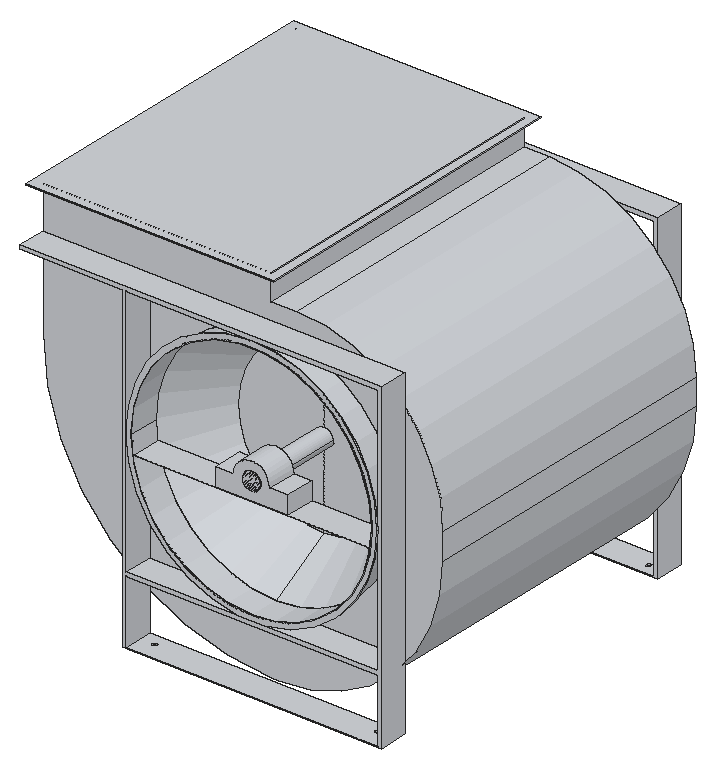
Revit family "CAF_DWDI_CCW_UBD", category Mechanical Equipment, Revit 2019 (continued)
Types (59): name | V+(D-(A+.25"))/2 | V | U-N | U | T/2 | T | SCROLL2 | S/2 | S | R/2 | R | P | N | M | L | K/2 | K | J | INLET/4 | INLET/2 | INLET | H-J | H-((D-A-.25")/2) | H | G-(R/2) | G-(INLET/2)-1.625" | G+(INLET/2)+1.625" | G | F-((D-A-.25")/2) | F | E/2 | E | D/2 | D | C/2 | C+C | C | BOTTOM | B/2 | B+.25" | B | A/2 | A+.25" | A | D/7 | Type Comments | -P | -(B+.25")/2 | (M-(B+.25")/2 | (INLET/2)-.125" | (INLET/2)+1.625" | (INLET/2)+1.5" | (D-(A+.25"))/2 | (B+.25")/2 | (A+.25")/2 | ((M+U+U+N+N)-((B+.25")/2))/2
  150_CAF-DWDI_CCW_UBD_CLASS_3 | 1 15/16" | 1" | 1 1/16" | 7 9/16" | 12 3/16" | 24 3/8" | 11 1/4" | 8 7/8" | 17 3/4" | 11 1/8" | 22 1/4" | 35 3/4" | 6 1/2" | 28 1/8" | 14 1/16" | 15/32" | 15/16" | 11 1/2" | 4 25/32" | 9 9/16" | 19 1/8" | 16 15/16" | 27 1/2" | 28 7/16" | 2 15/16" | 3" | 25 1/8" | 14 1/16" | 25 1/8" | 26 1/16" | 12 1/16" | 24 1/8" | 8 11/16" | 17 3/8" | 31/32" | 3 7/8" | 1 15/16" | 12" | 11" | 22 1/4" | 22" | 7 5/8" | 15 1/2" | 15 1/4" | 1.82895" | "Centrifugal Airfoil Blower Counter-Clockwise Up Blast Arrangement 3 Low Profile Class 3" | -35 3/4" | -11 1/8" | 2 15/16" | 9 7/16" | 11 1/16" | 11" | 15/16" | 11 1/8" | 7 3/4" | 4"
  165_CAF-DWDI_CCW_UBD_CLASS_3 | 1 15/16" | 1" | 1 9/16" | 8 1/16" | 13 3/16" | 26 3/8" | 12 1/8" | 9 3/4" | 19 1/2" | 12 1/8" | 24 1/4" | 38 5/16" | 6 1/2" | 30 1/8" | 15 1/16" | 15/32" | 15/16" | 12 11/16" | 5 19/64" | 10 19/32" | 21 3/16" | 18 1/2" | 30 1/4" | 31 3/16" | 3 1/4" | 3 9/32" | 27 15/32" | 15 3/8" | 27 9/16" | 28 1/2" | 13 1/16" | 26 1/8" | 9 17/32" | 19 1/16" | 1 3/32" | 4 3/8" | 2 3/16" | 13 1/8" | 12" | 24 1/4" | 24" | 8 15/32" | 17 3/16" | 16 15/16" | 2.00658" | "Centrifugal Airfoil Blower Counter-Clockwise Up Blast Arrangement 3 Low Profile Class 3" | -38 5/16" | -12 1/8" | 2 15/16" | 10 15/32" | 12 3/32" | 12 1/32" | 15/16" | 12 1/8" | 8 19/32" | 4 1/2"
  180_CAF-DWDI_CCW_UBD_CLASS_3 | 1 15/16" | 1" | 1 9/16" | 8 1/16" | 14 7/32" | 28 7/16" | 13 3/8" | 10 1/2" | 21" | 12 7/8" | 25 3/4" | 40 3/8" | 6 1/2" | 32 3/16" | 16 1/8" | 15/32" | 15/16" | 13 13/16" | 5 43/64" | 11 11/32" | 22 11/16" | 20 1/8" | 33" | 33 15/16" | 3 13/16" | 3 27/32" | 29 17/32" | 16 11/16" | 30 1/16" | 31" | 14 3/32" | 28 3/16" | 10 5/16" | 20 5/8" | 1 3/32" | 4 3/8" | 2 3/16" | 14 5/16" | 13 1/32" | 26 5/16" | 26 1/16" | 9 1/4" | 18 3/4" | 18 1/2" | 2.17105" | "Centrifugal Airfoil Blower Counter-Clockwise Up Blast Arrangement 3 Low Profile Class 3" | -40 3/8" | -13 5/32" | 2 15/16" | 11 7/32" | 12 27/32" | 12 25/32" | 15/16" | 13 5/32" | 9 3/8" | 4 1/2"
  195_CAF-DWDI_CCW_UBD_CLASS_3 | 2 15/16" | 1" | 1 9/16" | 8 1/16" | 15 21/32" | 31 5/16" | 14 1/4" | 11 1/8" | 22 1/4" | 13 5/8" | 27 1/4" | 42 3/4" | 6 1/2" | 34 9/16" | 17 5/16" | 15/32" | 15/16" | 14 15/16" | 6 3/64" | 12 3/32" | 24 3/16" | 22 3/4" | 35 3/4" | 37 11/16" | 4 3/8" | 4 13/32" | 31 19/32" | 18" | 31 9/16" | 33 1/2" | 16 9/32" | 32 9/16" | 11 13/16" | 23 5/8" | 1 3/32" | 4 3/8" | 2 3/16" | 15 1/2" | 14 7/32" | 28 11/16" | 28 7/16" | 9 3/4" | 19 3/4" | 19 1/2" | 2.48684" | "Centrifugal Airfoil Blower Counter-Clockwise Up Blast Arrangement 3 Low Profile Class 3" | -42 3/4" | -14 11/32" | 2 15/16" | 11 31/32" | 13 19/32" | 13 17/32" | 1 15/16" | 14 11/32" | 9 7/8" | 4 1/2"
  210_CAF-DWDI_CCW_UBD_CLASS_3 | 2 15/16" | 1" | 1 9/16" | 8 9/16" | 16 5/8" | 33 1/4" | 15" | 11 7/8" | 23 3/4" | 14 1/2" | 29" | 45 3/16" | 7" | 36 1/2" | 18 1/4" | 15/32" | 15/16" | 16 1/8" | 6 31/64" | 12 31/32" | 25 15/16" | 24 1/4" | 38 7/16" | 40 3/8" | 4 13/16" | 4 27/32" | 33 25/32" | 19 5/16" | 34 1/16" | 36" | 17 1/4" | 34 1/2" | 12 7/8" | 25 3/4" | 1 3/32" | 4 3/8" | 2 3/16" | 16 11/16" | 15 3/16" | 30 5/8" | 30 3/8" | 10 13/16" | 21 7/8" | 21 5/8" | 2.71053" | "Centrifugal Airfoil Blower Counter-Clockwise Up Blast Arrangement 3 Low Profile Class 3" | -45 3/16" | -15 5/16" | 2 15/16" | 12 27/32" | 14 15/32" | 14 13/32" | 1 15/16" | 15 5/16" | 10 15/16" | 4 1/2"
  225_CAF-DWDI_CCW_UBD_CLASS_3 | 3" | 1" | 1 9/16" | 8 9/16" | 17 11/16" | 35 3/8" | 15 7/8" | 12 3/4" | 25 1/2" | 15 1/4" | 30 1/2" | 47 5/16" | 7" | 38 5/8" | 19 5/16" | 15/32" | 15/16" | 17 1/4" | 6 55/64" | 13 23/32" | 27 7/16" | 25 15/16" | 41 3/16" | 43 3/16" | 5 5/16" | 5 11/32" | 35 25/32" | 20 9/16" | 36 3/8" | 38 3/8" | 18 11/32" | 36 11/16" | 13 23/32" | 27 7/16" | 1 3/32" | 4 3/8" | 2 3/16" | 17 13/16" | 16 1/4" | 32 3/4" | 32 1/2" | 11 19/32" | 23 7/16" | 23 3/16" | 2.88816" | "Centrifugal Airfoil Blower Counter-Clockwise Up Blast Arrangement 3 Low Profile Class 3" | -47 5/16" | -16 3/8" | 2 15/16" | 13 19/32" | 15 7/32" | 15 5/32" | 2" | 16 3/8" | 11 23/32" | 4 1/2"
  245_CAF-DWDI_CCW_UBD_CLASS_3 | 3" | 1" | 9/16" | 7 9/16" | 19 9/32" | 38 9/16" | 16 7/8" | 13 9/16" | 27 1/8" | 16 15/32" | 32 15/16" | 50 13/16" | 7" | 43 3/16" | 21 5/8" | 17/32" | 1 1/16" | 18 3/4" | 7 23/64" | 14 23/32" | 29 7/16" | 28 1/16" | 44 13/16" | 46 13/16" | 5 27/32" | 6 3/32" | 38 17/32" | 22 5/16" | 39 11/16" | 41 11/16" | 19 5/8" | 39 1/4" | 14 7/8" | 29 3/4" | 1 7/32" | 4 7/8" | 2 7/16" | 19 3/8" | 17 17/32" | 35 5/16" | 35 1/16" | 12 3/4" | 25 3/4" | 25 1/2" | 3.13158" | "Centrifugal Airfoil Blower Counter-Clockwise Up Blast Arrangement 3 Low Profile Class 3" | -50 13/16" | -17 21/32" | 3 15/16" | 14 19/32" | 16 7/32" | 16 5/32" | 2" | 17 21/32" | 12 7/8" | 4 1/2"
  270_CAF-DWDI_CCW_UBD_CLASS_3 | 3" | 1" | 9/16" | 7 11/16" | 21 15/32" | 42 15/16" | 18 3/4" | 14 15/16" | 29 7/8" | 17 27/32" | 35 11/16" | 55 5/16" | 7 1/8" | 47 9/16" | 23 13/16" | 17/32" | 1 1/16" | 20 11/16" | 7 63/64" | 15 31/32" | 31 15/16" | 30 11/16" | 49 3/8" | 51 3/8" | 6 21/32" | 7 1/32" | 41 31/32" | 24 1/2" | 43 13/16" | 45 13/16" | 21 13/16" | 43 5/8" | 15 7/8" | 31 3/4" | 1 7/32" | 4 7/8" | 2 7/16" | 21 5/16" | 19 23/32" | 39 11/16" | 39 7/16" | 13 3/4" | 27 3/4" | 27 1/2" | 3.34211" | "Centrifugal Airfoil Blower Counter-Clockwise Up Blast Arrangement 3 Low Profile Class 3" | -55 5/16" | -19 27/32" | 3 15/16" | 15 27/32" | 17 15/32" | 17 13/32" | 2" | 19 27/32" | 13 7/8" | 4 1/2"
  300_CAF-DWDI_CCW_UBD_CLASS_3 | 3" | 1" | 5/8" | 7 3/4" | 23 1/4" | 46 1/2" | 20 1/4" | 16 7/16" | 32 7/8" | 19 11/32" | 38 11/16" | 58 7/8" | 7 1/8" | 51 1/8" | 25 9/16" | 17/32" | 1 1/16" | 22 15/16" | 8 47/64" | 17 15/32" | 34 15/16" | 33 15/16" | 54 7/8" | 56 7/8" | 7 23/32" | 8 3/32" | 46 1/32" | 27 1/16" | 48 3/4" | 50 3/4" | 23 19/32" | 47 3/16" | 17 23/32" | 35 7/16" | 1 7/32" | 4 7/8" | 2 7/16" | 23 11/16" | 21 1/2" | 43 1/4" | 43" | 15 19/32" | 31 7/16" | 31 3/16" | 3.73026" | "Centrifugal Airfoil Blower Counter-Clockwise Up Blast Arrangement 3 Low Profile Class 3" | -58 7/8" | -21 5/8" | 3 15/16" | 17 11/32" | 18 31/32" | 18 29/32" | 2" | 21 5/8" | 15 23/32" | 4 9/16"
  330_CAF-DWDI_CCW_UBD_CLASS_3 | 3 1/16" | 1" | -3/8" | 6 3/4" | 25 7/8" | 51 3/4" | 20 25/32" | 17 5/8" | 35 1/4" | 21 1/8" | 42 1/4" | 64" | 7 1/8" | 57 1/4" | 28 5/8" | 17/32" | 1 1/16" | 25 5/16" | 9 31/64" | 18 31/32" | 37 15/16" | 37 1/16" | 60 5/16" | 62 3/8" | 8 9/16" | 9 7/32" | 50 5/32" | 29 11/16" | 53 11/16" | 55 3/4" | 25 21/32" | 51 5/16" | 19 7/16" | 38 7/8" | 1 7/32" | 4 7/8" | 2 7/16" | 26 1/16" | 23 17/32" | 47 5/16" | 47 1/16" | 17 1/4" | 34 3/4" | 34 1/2" | 4.09211" | "Centrifugal Airfoil Blower Counter-Clockwise Up Blast Arrangement 3 Low Profile Class 3" | -64" | -23 21/32" | 4 31/32" | 18 27/32" | 20 15/32" | 20 13/32" | 2 1/16" | 23 21/32" | 17 3/8" | 4 19/32"
  365_CAF-DWDI_CCW_UBD_CLASS_3 | 3 9/16" | 1" | 1/8" | 7 3/4" | 28 7/16" | 56 7/8" | 22 21/32" | 19 1/2" | 39" | 23" | 46" | 70 1/8" | 7 5/8" | 62 3/8" | 31 3/16" | 17/32" | 1 1/16" | 27 15/16" | 10 23/64" | 20 23/32" | 41 7/16" | 41 5/16" | 66 11/16" | 69 1/4" | 9 3/4" | 10 17/32" | 54 31/32" | 32 3/4" | 58 15/16" | 61 1/2" | 28 23/32" | 57 7/16" | 22 1/32" | 44 1/16" | 1 15/32" | 5 7/8" | 2 15/16" | 28 3/4" | 26 3/32" | 52 7/16" | 52 3/16" | 19 11/32" | 38 15/16" | 38 11/16" | 4.63816" | "Centrifugal Airfoil Blower Counter-Clockwise Up Blast Arrangement 3 Low Profile Class 3" | -70 1/8" | -26 7/32" | 4 31/32" | 20 19/32" | 22 7/32" | 22 5/32" | 2 9/16" | 26 7/32" | 19 15/32" | 5 3/32"
  402_CAF-DWDI_CCW_UBD_CLASS_3 | 4 1/2" | 1 15/16" | 5/8" | 10 3/4" | 31 3/4" | 63 1/2" | 24 27/32" | 21" | 42" | 25 9/32" | 50 9/16" | 80 3/4" | 10 1/8" | 70" | 35" | 17/32" | 1 1/16" | 30 3/4" | 11 19/64" | 22 19/32" | 45 3/16" | 45 1/4" | 73 7/16" | 76" | 10 21/32" | 11 27/32" | 60 1/32" | 35 15/16" | 65" | 67 9/16" | 31 17/32" | 63 1/16" | 23 9/16" | 47 1/8" | 1 23/32" | 6 7/8" | 3 7/16" | 31 5/8" | 28 29/32" | 58 1/16" | 57 13/16" | 20 7/8" | 42" | 41 3/4" | 4.96053" | "Centrifugal Airfoil Blower Counter-Clockwise Up Blast Arrangement 3 Low Profile Class 3" | -80 3/4" | -29 1/32" | 5 31/32" | 22 15/32" | 24 3/32" | 24 1/32" | 2 9/16" | 29 1/32" | 21" | 6 19/32"
  445_CAF-DWDI_CCW_UBD_CLASS_3 | 4 1/2" | 1 15/16" | 5/8" | 10 3/4" | 35" | 70" | 26 31/32" | 23 1/8" | 46 1/4" | 27 13/32" | 54 13/16" | 87 1/4" | 10 1/8" | 76 1/2" | 38 1/4" | 17/32" | 1 1/16" | 34 1/16" | 12 23/64" | 24 23/32" | 49 7/16" | 49 13/16" | 81 5/16" | 83 7/8" | 12 9/32" | 13 15/32" | 65 29/32" | 39 11/16" | 72 1/8" | 74 11/16" | 34 25/32" | 69 9/16" | 25 21/32" | 51 5/16" | 1 23/32" | 6 7/8" | 3 7/16" | 35" | 32 1/8" | 64 1/2" | 64 1/4" | 22 31/32" | 46 3/16" | 45 15/16" | 5.40132" | "Centrifugal Airfoil Blower Counter-Clockwise Up Blast Arrangement 3 Low Profile Class 3" | -87 1/4" | -32 1/4" | 6" | 24 19/32" | 26 7/32" | 26 5/32" | 2 9/16" | 32 1/4" | 23 3/32" | 6 5/8"
  490_CAF-DWDI_CCW_UBD_CLASS_3 | 4 1/2" | 1 15/16" | -1 3/8" | 12 1/8" | 38 7/16" | 76 7/8" | 29 11/32" | 25" | 50" | 30" | 60" | 98 1/2" | 13 1/2" | 86 3/8" | 43 3/16" | 17/32" | 1 1/16" | 37 1/2" | 13 3/4" | 27 1/2" | 55" | 54 9/16" | 89 1/2" | 92 1/16" | 13 5/8" | 14 5/8" | 72 5/8" | 43 5/8" | 79 5/8" | 82 3/16" | 37 23/32" | 75 7/16" | 28 3/16" | 56 3/8" | 1 31/32" | 7 7/8" | 3 15/16" | 38 9/16" | 35 1/16" | 70 3/8" | 70 1/8" | 25 1/2" | 51 1/4" | 51" | 5.93421" | "Centrifugal Airfoil Blower Counter-Clockwise Up Blast Arrangement 3 Low Profile Class 3" | -98 1/2" | -35 3/16" | 8" | 27 3/8" | 29" | 28 15/16" | 2 9/16" | 35 3/16" | 25 5/8" | 6 5/8"
  540_CAF-DWDI_CCW_UBD_CLASS_3 | 4 9/16" | 1 15/16" | 5/8" | 16 3/8" | 42 13/32" | 84 13/16" | 31 27/32" | 27 1/2" | 55" | 32 1/2" | 65" | 110 11/16" | 15 3/4" | 94 5/16" | 47 1/8" | 19/32" | 1 3/16" | 41 3/8" | 15" | 30" | 60" | 59 7/8" | 98 5/8" | 101 1/4" | 15 1/2" | 16 1/2" | 79 1/2" | 48" | 87 13/16" | 90 7/16" | 41 11/16" | 83 3/8" | 30 5/8" | 61 1/4" | 2 7/32" | 8 7/8" | 4 7/16" | 42 7/16" | 38 31/32" | 78 3/16" | 77 15/16" | 27 7/8" | 56" | 55 3/4" | 6.44737" | "Centrifugal Airfoil Blower Counter-Clockwise Up Blast Arrangement 3 Low Profile Class 3" | -110 11/16" | -39 3/32" | 8 1/16" | 29 7/8" | 31 1/2" | 31 7/16" | 2 5/8" | 39 3/32" | 28" | 8 11/16"
  600_CAF-DWDI_CCW_UBD_CLASS_3 | 5 19/32" | 2 15/16" | 1/8" | 16" | 46 9/16" | 93 1/8" | 35" | 30 1/2" | 61" | 35 1/2" | 71" | 118 5/8" | 15 7/8" | 102 5/8" | 51 5/16" | 19/32" | 1 3/16" | 45 15/16" | 16 1/2" | 33" | 66" | 66 1/4" | 109 17/32" | 112 3/16" | 17 11/16" | 18 11/16" | 87 11/16" | 53 3/16" | 97 21/32" | 100 5/16" | 45 27/32" | 91 11/16" | 33 7/8" | 67 3/4" | 2 15/32" | 9 7/8" | 4 15/16" | 47 1/8" | 43 1/8" | 86 1/2" | 86 1/4" | 31 3/32" | 62 7/16" | 62 3/16" | 7.13158" | "Centrifugal Airfoil Blower Counter-Clockwise Up Blast Arrangement 3 Low Profile Class 3" | -118 5/8" | -43 1/4" | 8 1/16" | 32 7/8" | 34 1/2" | 34 7/16" | 2 21/32" | 43 1/4" | 31 7/32" | 8 3/16"
